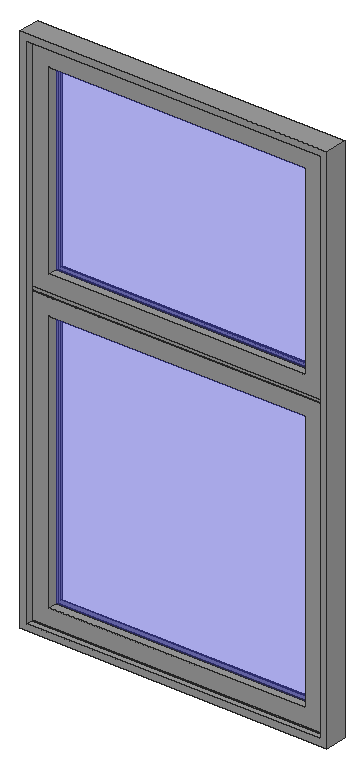
Revit family "14PL IP006_v02", category Windows, host Wall, Revit 2015
Parameters
  Wall Thickness [instance] = 0' - 6"
  URL = "obe.com"
  Transom Height = 3' - 0"
  Rough Width = Width + 0' 0 1/2"  # 4' - 0 1/2"
  Rough Height = Height + 0' 0 1/2"  # 7' - 0 1/2"
  Offset Limitation [instance] = if((Offset + 0' 3 1/2") > Wall Thickness, (Wall Thickness - 0' 3 1/2"), Offset)  # 0' - 0"
  Offset [instance] = 0' - 0"
  Model = "14PL IP006"
  Manufacturer = "Oldcastle BuildingEnvelope®"
  Keynote = "08 51 00"
  Height = Operable Height + Transom Height  # 7' - 0"
  Operable Height = 4' - 0"
  Glass Material = Glass
  Frame Material = Aluminum
  Description = "SIGNATURE SERIES 14PL"
  Default Sill Height = 3' - 0"
  Wall Closure = By host
  Width = 4' - 0"
  Construction Type = ""
  Assembly Code = "B2020"
Reference planes (in)
  plane 1 "Center (Front/Back)": y = 0
  plane 2: z = 0
  plane 3 "Center (Left/Right)": x = 0
  plane 4 "Left": x = -24.25
  plane 5 "Right": x = 24.25
  plane 6 "Sill": z = 36
  plane 7 "Top": z = 120.5
  plane 8 "Offset": y = 3
  plane 9: x = 24
  plane 10: z = 120.25
  plane 11: x = -24
  plane 12: z = 36.25
  plane 13 "Center": z = 84.25
  plane 14: z = 39.5005
  plane 15: z = 81.812
  plane 16: z = 86.688
  plane 17: z = 116.9995
  plane 18 "INT": y = 1.53125
Forms (in)
  Sweep 1, solid, material "Aluminum" <- "Frame Material"
    path origin (0, 3, 0) x (1, 0, 0) y (0, 0, 1)
      loop
        line (-24, 120.5) -> (-24, 36)
    profile origin (-24, 3, 78.25) x (0, -1, 0) y (1, 0, 0)
      loop
        line (3.5, -0.25) -> (3.5, 0.75) -> (2.5, 0.75) -> (2.5, 1.375) -> (0.09375, 1.375) -> (0.09375, 2.25) -> (0, 2.25) -> (0, -0.25) -> (3.5, -0.25)
  Sweep 2, solid, material "Aluminum" <- "Frame Material"
    path origin (0, 3, 0) x (-1, 0, 0) y (0, 0, 1)
      loop
        line (-24, 120.5) -> (-24, 36)
    profile origin (24, 3, 78.25) x (0, -1, 0) y (1, 0, 0)
      loop
        line (3.5, 0.25) -> (0, 0.25) -> (0, -2.25) -> (0.09375, -2.25) -> (0.09375, -1.3768) -> (2.5, -1.3768) -> (2.5, -0.75) -> (3.5, -0.75) -> (3.5, 0.25)
  Sweep 3, solid, material "Aluminum" <- "Frame Material"
    path origin (0, 3, 0) x (1, 0, 0) y (0, 0, 1)
      loop
        line (24.25, 120.25) -> (-24.25, 120.25)
    profile origin (0, 3, 120.25) x (0, 0, -1) y (0, -1, 0)
      loop
        line (-0.25, 0) -> (2.2505, 0) -> (2.2505, 0.09181) -> (1.37479, 0.09181) -> (1.37479, 2.5) -> (0.75, 2.5) -> (0.75, 3.5) -> (-0.25, 3.5) -> (-0.25, 0)
  Sweep 4, solid, material "Aluminum" <- "Frame Material"
    path origin (0, 3, 132.5) x (1, 0, 0) y (0, 0, -1)
      loop
        line (24.25, 96.25) -> (-24.25, 96.25)
    profile origin (0, 3, 36.25) x (0, 0, -1) y (0, -1, 0)
      loop
        line (0.25, 0) -> (0.25, 3.5) -> (-0.75, 3.5) -> (-0.75, 2.5) -> (-1.375, 2.5) -> (-1.375, 0.09375) -> (-2.2505, 0.09375) -> (-2.2505, 0) -> (0.25, 0)
  Sweep 5, solid, material "Aluminum" <- "Frame Material"
    path origin (0, 3, 0) x (1, 0, 0) y (0, 0, 1)
      loop
        line (24.25, 84.25) -> (-24.25, 84.25)
    profile origin (0, 3, 84.25) x (0, 0, -1) y (0, -1, 0)
      loop
        line (-1.4375, 0) -> (1.4375, 0) -> (1.4375, 0.09243) -> (0.56206, 0.09243) -> (0.56206, 2.5) -> (-0.56334, 2.5) -> (-0.56334, 0.09674) -> (-1.4375, 0.09674) -> (-1.4375, 0)
  Extrusion 6, solid, material "Glass" <- "Glass Material", detail levels coarse
    sketch origin (0, 0, 36) x (0, -1, 0) y (1, 0, 0)
      loop
        line (-2.53125, -20.7495) -> (-1.53125, -20.7495) -> (-1.53125, 20.7495) -> (-2.53125, 20.7495) -> (-2.53125, -20.7495)
    from 3.5005 to 45.812
  Extrusion 7, solid, material "Glass" <- "Glass Material", detail levels coarse
    sketch origin (0, -5.25, 36) x (0, -1, 0) y (1, 0, 0)
      loop
        line (-7.78125, -20.7495) -> (-6.78125, -20.7495) -> (-6.78125, 20.7495) -> (-7.78125, 20.7495) -> (-7.78125, -20.7495)
    from 50.688 to 80.9995
  Extrusion 8, solid, material "Glass" <- "Glass Material", detail levels medium+fine
    sketch origin (0, 0, 36) x (0, -1, 0) y (1, 0, 0)
      loop
        line (-2.53125, -20.7495) -> (-2.28125, -20.7495) -> (-2.28125, 20.7495) -> (-2.53125, 20.7495) -> (-2.53125, -20.7495)
      loop
        line (-1.76855, 20.7495) -> (-1.76855, -20.7495) -> (-1.53125, -20.7495) -> (-1.53125, 20.7495) -> (-1.76855, 20.7495)
    from 3.5005 to 45.812
  Extrusion 9, solid, material "Glass" <- "Glass Material", detail levels medium+fine
    sketch origin (0, 0, 0) x (1, 0, 0) y (0, 1, 0)
      loop
        line (-20.7495, 2.53125) -> (-20.7495, 2.28125) -> (20.7495, 2.28125) -> (20.7495, 2.53125) -> (-20.7495, 2.53125)
      loop
        line (20.7495, 1.76855) -> (-20.7495, 1.76855) -> (-20.7495, 1.53125) -> (20.7495, 1.53125) -> (20.7495, 1.76855)
    from 86.688 to 116.9995
  Sweep 10, solid, material "Aluminum" <- "Frame Material"
    path origin (0, 3, 0) x (1, 0, 0) y (0, 0, 1)
      loop
        line (24, 37.375) -> (24, 83.9375)
    profile origin (24, 3, 60.65625) x (-1, 0, 0) y (0, -1, 0)
      loop
        line (3.751, 2.75) -> (1.125, 2.75) -> (1.125, 2.65625) -> (2.063, 2.65625) -> (2.063, 0.1875) -> (3.7505, 0.1875) -> (3.7505, 0.46875) -> (3.2505, 0.46875) -> (3.2505, 1.46875) -> (3.751, 1.46875) -> (3.751, 2.75)
  Sweep 11, solid, material "Aluminum" <- "Frame Material"
    path origin (0, 3, 0) x (1, 0, 0) y (0, 0, 1)
      loop
        line (24, 120.25) -> (24, 36.25)
    profile origin (24, 3, 78.25) x (0, -1, 0) y (1, 0, 0)
      loop
        line (0, 0.25) -> (0, -2.25) -> (0.09375, -2.25) -> (0.09375, -1.375) -> (2.5, -1.375) -> (2.5, -0.75) -> (3.5, -0.75) -> (3.5, 0.25) -> (0, 0.25)
  Sweep 12, solid, material "Aluminum" <- "Frame Material"
    path origin (0, 3, 0) x (1, 0, 0) y (0, 0, 1)
      loop
        line (-24, 83.9375) -> (-24, 37.375)
    profile origin (-24, 3, 60.65625) x (0, -1, 0) y (1, 0, 0)
      loop
        line (0.1875, 2.063) -> (2.65625, 2.063) -> (2.65625, 1.125) -> (2.75, 1.125) -> (2.75, 3.751) -> (1.46875, 3.751) -> (1.46875, 3.2505) -> (0.46875, 3.2505) -> (0.46875, 3.7505) -> (0.1875, 3.7505) -> (0.1875, 2.063)
  Sweep 13, solid, material "Aluminum" <- "Frame Material"
    path origin (0, 3, 0) x (1, 0, 0) y (0, 0, 1)
      loop
        line (22.875, 36.25) -> (-22.875, 36.25)
    profile origin (0, 3, 36.25) x (0, 0, -1) y (0, -1, 0)
      loop
        line (-3.7505, 0.1875) -> (-2.063, 0.1875) -> (-2.063, 2.65625) -> (-1.125, 2.65625) -> (-1.125, 2.75) -> (-3.751, 2.75) -> (-3.751, 1.46875) -> (-3.2505, 1.46875) -> (-3.2505, 0.46875) -> (-3.7505, 0.46875) -> (-3.7505, 0.1875)
  Sweep 14, solid, material "Aluminum" <- "Frame Material"
    path origin (0, 3, 0) x (1, 0, 0) y (0, 0, 1)
      loop
        line (22.875, 84.25) -> (-22.875, 84.25)
    profile origin (0, 3, 84.25) x (0, 0, -1) y (0, -1, 0)
      loop
        line (1.25046, 0.1875) -> (2.938, 0.1875) -> (2.938, 0.46875) -> (2.438, 0.46875) -> (2.438, 1.46875) -> (2.9385, 1.46875) -> (2.9385, 2.75) -> (0.3125, 2.75) -> (0.3125, 2.65588) -> (1.25046, 2.65588) -> (1.25046, 0.1875)
  Sweep 15, solid, material "Aluminum" <- "Frame Material"
    path origin (0, 3, 0) x (1, 0, 0) y (0, 0, 1)
      loop
        line (22.875, 84.25) -> (-22.875, 84.25)
    profile origin (0, 3, 84.25) x (0, 0, -1) y (0, -1, 0)
      loop
        line (-2.938, 0.1875) -> (-1.25051, 0.1875) -> (-1.25051, 2.65621) -> (-0.3125, 2.65621) -> (-0.3125, 2.75) -> (-2.9385, 2.75) -> (-2.9385, 1.46875) -> (-2.438, 1.46875) -> (-2.438, 0.46875) -> (-2.938, 0.46875) -> (-2.938, 0.1875)
  Sweep 16, solid, material "Aluminum" <- "Frame Material"
    path origin (0, 3, 0) x (1, 0, 0) y (0, 0, 1)
      loop
        line (-22.875, 120.25) -> (22.875, 120.25)
    profile origin (0, 3, 120.25) x (0, 0, 1) y (0, -1, 0)
      loop
        line (-2.06293, 0.1875) -> (-2.06293, 2.65624) -> (-1.12494, 2.65624) -> (-1.12494, 2.75) -> (-3.751, 2.75) -> (-3.751, 1.46875) -> (-3.2505, 1.46875) -> (-3.2505, 0.46875) -> (-3.751, 0.46875) -> (-3.751, 0.1875) -> (-2.06293, 0.1875)
  Sweep 17, solid, material "Aluminum" <- "Frame Material"
    path origin (0, 3, 0) x (1, 0, 0) y (0, 0, 1)
      loop
        line (24, 119.12506) -> (24, 84.5625)
    profile origin (24, 3, 101.84378) x (0, -1, 0) y (1, 0, 0)
      loop
        line (1.46875, -3.751) -> (2.75, -3.751) -> (2.75, -1.125) -> (2.65625, -1.125) -> (2.65625, -2.063) -> (0.1875, -2.063) -> (0.1875, -3.7505) -> (0.46875, -3.7505) -> (0.46875, -3.2505) -> (1.46875, -3.2505) -> (1.46875, -3.751)
  Sweep 18, solid, material "Aluminum" <- "Frame Material"
    path origin (0, 3, 0) x (1, 0, 0) y (0, 0, 1)
      loop
        line (-24, 84.5625) -> (-24, 119.12506)
    profile origin (-24, 3, 101.84378) x (-1, 0, 0) y (0, -1, 0)
      loop
        line (-2.063, 0.1875) -> (-2.063, 2.65625) -> (-1.125, 2.65625) -> (-1.125, 2.75) -> (-3.751, 2.75) -> (-3.751, 1.46875) -> (-3.2505, 1.46875) -> (-3.2505, 0.46875) -> (-3.7505, 0.46875) -> (-3.7505, 0.1875) -> (-2.063, 0.1875)
Cuts and joins
  joined: Sweep 1, Sweep 2, Sweep 3, Sweep 4, Sweep 5, Sweep 11
  joined: Sweep 10, Sweep 12, Sweep 13, Sweep 14
  joined: Sweep 15, Sweep 16, Sweep 17, Sweep 18
Lines and regions (in)
  Opening 1
    outline origin (-60, -3, 0) x (1, 0, 0) y (0, 0, 1)
      loop
        line (35.75, 120.5) -> (35.75, 36) -> (84.25, 36) -> (84.25, 120.5) -> (35.75, 120.5)
  model lines, style "Opening Direction"
    curve 1: line (20.2495, 1.53125, 116.499) -> (0, 1.53125, 87.1885)
    curve 2: line (0, 1.53125, 87.1885) -> (-20.249, 1.53125, 116.499)
    curve 3: line (20.249, 1.53125, 81.3115) -> (0, 1.53125, 40.001)
    curve 4: line (0, 1.53125, 40.001) -> (-20.249, 1.53125, 81.312)
Text (in)
  text "EXTERIOR" at (-58.6888, 50.90694, 0), in view "Ref. Level"
  text "INTERIOR" at (-58.6888, -37.76638, 0), in view "Ref. Level"
  text "Exterior" at (0, 43.65631, 123.19604), in view "Left"
  text "Exterior" at (0, 18.29385, 125.04747), in view "Right"
  text "Min Operable Size\n\n14\" width x 18\" height\n\n\n\nMax Operable Size\n\n72\" x 48\"\n\n\n\nMax Operable Area\n\n20 square feet" at (118.26778, 50.90694, 0), in view "Ref. Level"
Dimensions and locks (in)
  equal spacing: plane 4 "Left", plane 3 "Center (Left/Right)", plane 5 "Right"
  "Rough Width": plane 4 "Left" to plane 5 "Right"
  "Default Sill Height": plane 2 to plane 6 "Sill"
  "Offset Limitation": plane 8 "Offset" to host wall
  "Wall Thickness": host wall to host wall
  locked: plane 9 to plane 5 "Right" at 0.25
  locked: plane 6 "Sill" to plane 12 at 0.25
  "Operable Height": plane 12 to plane 13 "Center"
  "Transom Height": plane 13 "Center" to plane 10
  "Rough Height": plane 6 "Sill" to plane 7 "Top"
  "Width": plane 11 to plane 9
  plane 8 "Offset" to Extrusion 6 sketch curve to Extrusion 6 sketch curve = 0' - 0 15/32" locked, 0' - 1" locked
  plane 8 "Offset" to Extrusion 7 sketch curve to Extrusion 7 sketch curve = 0' - 0 15/32" locked, 0' - 1" locked
  locked: plane 17 to plane 10 at 3.2505
  plane 16 to plane 13 "Center" to plane 15 = 0' - 2.438" locked, 0' - 2.438" locked
  locked: plane 14 to plane 12 at 3.2505
  locked: plane 18 "INT" to plane 8 "Offset" at 1.46875
  Extrusion 8 sketch curve to Extrusion 8 sketch curve to Extrusion 8 sketch curve to Extrusion 8 sketch curve to plane 8 "Offset" = 0' - 0.2373" locked, 0' - 0.5127" locked, 0' - 0 1/4" locked, 0' - 0 15/32" locked
  Extrusion 9 sketch curve to Extrusion 9 sketch curve to Extrusion 9 sketch curve to Extrusion 9 sketch curve to plane 8 "Offset" = 0' - 0.2373" locked, 0' - 0.5127" locked, 0' - 0 1/4" locked, 0' - 0 15/32" locked
  locked: plane 11 to Sweep 13 sketch curve at 1.125
  locked: Sweep 13 sketch curve to plane 9 at 1.125
  locked: plane 11 to Sweep 14 sketch curve at 1.125
  locked: Sweep 14 sketch curve to plane 9 at 1.125
  locked: plane 11 to Sweep 15 sketch curve at 1.125
  locked: Sweep 15 sketch curve to plane 9 at 1.125
  locked: plane 12 to Sweep 10 sketch curve at 1.125
  locked: Sweep 10 sketch curve to plane 13 "Center" at 0.3125
  locked: plane 12 to Sweep 12 sketch curve at 1.125
  locked: Sweep 12 sketch curve to plane 13 "Center" at 0.3125
  locked: Sweep 17 sketch curve to plane 10 at 1.12494
  locked: plane 13 "Center" to Sweep 17 sketch curve at 0.3125
  locked: Sweep 18 sketch curve to plane 10 at 1.12494
  locked: plane 13 "Center" to Sweep 18 sketch curve at 0.3125
  aligned and locked: plane 7 "Top" to Opening 1 sketch curve
  aligned and locked: plane 6 "Sill" to Opening 1 sketch curve  (x2)
  aligned and locked: plane 5 "Right" to Opening 1 sketch curve
  aligned and locked: plane 4 "Left" to Opening 1 sketch curve
  aligned and locked: level to plane 2
  aligned and locked: nested 2 to plane 12
  aligned and locked: plane 6 "Sill" to Sweep 1 sketch curve
  aligned and locked: plane 7 "Top" to Sweep 1 sketch curve
  aligned and locked: plane 6 "Sill" to Sweep 2 sketch curve
  aligned and locked: plane 7 "Top" to Sweep 2 sketch curve
  aligned and locked: Sweep 2 sketch curve to plane 9
  aligned and locked: plane 5 "Right" to Sweep 3 sketch curve
  aligned and locked: plane 4 "Left" to Sweep 3 sketch curve
  aligned and locked: plane 10 to Sweep 3 sketch curve
  aligned and locked: plane 5 "Right" to Sweep 4 sketch curve
  aligned and locked: plane 4 "Left" to Sweep 4 sketch curve
  aligned and locked: plane 12 to Sweep 4 sketch curve
  aligned and locked: plane 5 "Right" to Sweep 5 sketch curve
  aligned and locked: plane 4 "Left" to Sweep 5 sketch curve
  aligned and locked: plane 13 "Center" to Sweep 5 sketch curve
  aligned and locked: plane 17 to Extrusion 7
  aligned and locked: Extrusion 7 to plane 16
  aligned and locked: plane 15 to Extrusion 6
  aligned and locked: Extrusion 6 to plane 14
  aligned and locked: nested 1 to plane 12
  aligned and locked: plane 3 "Center (Left/Right)" to nested 1
  aligned and locked: plane 8 "Offset" to nested 1
  aligned and locked: plane 3 "Center (Left/Right)" to nested 2
  aligned and locked: plane 8 "Offset" to nested 2
  aligned and locked: Extrusion 8 to plane 14
  aligned and locked: plane 15 to Extrusion 8
  aligned and locked: Extrusion 9 to plane 16
  aligned and locked: plane 17 to Extrusion 9
  aligned and locked: Sweep 1 sketch curve to plane 11
  aligned and locked: plane 9 to Sweep 10 sketch curve
  aligned and locked: Sweep 11 sketch curve to plane 9
  aligned and locked: Sweep 12 sketch curve to plane 11
  aligned and locked: plane 12 to Sweep 13 sketch curve
  aligned and locked: plane 13 "Center" to Sweep 14 sketch curve
  aligned and locked: plane 13 "Center" to Sweep 15 sketch curve
  aligned and locked: Sweep 16 sketch curve to plane 10
  aligned and locked: Sweep 17 sketch curve to plane 9
  aligned and locked: plane 11 to Sweep 18 sketch curve
Automatic sketch dimensions
  plane 8 "Offset" to Sweep 1 sketch curve = 0' - 0"
  Sweep 1 sketch curve to profile plane = 0' - 0 3/4"
  profile plane to Sweep 1 sketch curve = 0' - 0 1/4"
  Sweep 1 sketch curve to Sweep 1 sketch curve = 0' - 1"
  Sweep 4 sketch curve to plane 8 "Offset" = 0' - 0"
  profile plane to Sweep 4 sketch curve = 0' - 1 3/8"
  Sweep 4 sketch curve to profile plane = 0' - 0 1/4"
  Sweep 4 sketch curve to Sweep 4 sketch curve = 0' - 1"
  Extrusion 6 sketch curve to plane 11 = 0' - 3.2505"
  plane 9 to Extrusion 6 sketch curve = 0' - 3.2505"
  Extrusion 7 sketch curve to plane 11 = 0' - 3.2505"
  plane 9 to Extrusion 7 sketch curve = 0' - 3.2505"
  curve 2 to plane 3 "Center (Left/Right)" = 0' - 0"
  curve 4 to plane 3 "Center (Left/Right)" = 0' - 0"
  plane 14 to curve 3 = 0' - 0.5005"
  curve 4 to plane 15 = 0' - 0 1/2"
  curve 4 to plane 11 = 0' - 3.751"
  curve 2 to plane 17 = 0' - 0.5005"
  curve 2 to plane 11 = 0' - 3.751"
  curve 3 to plane 15 = 0' - 0.5005"
  plane 9 to curve 3 = 0' - 3.751"
  curve 1 to plane 17 = 0' - 0.5005"
  plane 9 to curve 1 = 0' - 3.7505"
  plane 16 to curve 2 = 0' - 0.5005"
  Extrusion 8 sketch curve to plane 11 = 0' - 3.2505"
  Extrusion 8 sketch curve to Extrusion 8 sketch curve = 0' - 0"  (x2)
  plane 9 to Extrusion 8 sketch curve = 0' - 3.2505"
  Extrusion 9 sketch curve to plane 11 = 0' - 3.2505"
  Extrusion 9 sketch curve to Extrusion 9 sketch curve = 0' - 0"  (x2)
  plane 9 to Extrusion 9 sketch curve = 0' - 3.2505"
  Sweep 1 sketch curve to Sweep 1 sketch curve = 0' - 0 3/32"
  Sweep 1 sketch curve to Sweep 1 sketch curve = 0' - 0 5/8"
  Sweep 1 sketch curve to Sweep 1 sketch curve = 0' - 2 13/32"
  Sweep 1 sketch curve to Sweep 1 sketch curve = 0' - 0 7/8"
  Sweep 3 sketch curve to plane 8 "Offset" = 0' - 0"
  profile plane to Sweep 3 sketch curve = 0' - 0 1/4"
  Sweep 3 sketch curve to profile plane = 0' - 0 3/4"
  Sweep 3 sketch curve to Sweep 3 sketch curve = 0' - 1"
  Sweep 3 sketch curve to Sweep 3 sketch curve = 0' - 0.62479"
  Sweep 3 sketch curve to Sweep 3 sketch curve = 0' - 0.87571"
  plane 8 "Offset" to Sweep 3 sketch curve = 0' - 0.09181"
  Sweep 3 sketch curve to Sweep 3 sketch curve = 0' - 2.40819"
  Sweep 5 sketch curve to plane 8 "Offset" = 0' - 0"
  Sweep 5 sketch curve to profile plane = 0' - 1 7/16"
  Sweep 5 sketch curve to Sweep 5 sketch curve = 0' - 0.87416"
  profile plane to Sweep 5 sketch curve = 0' - 0.56334"
  Sweep 5 sketch curve to profile plane = 0' - 0.56206"
  Sweep 5 sketch curve to Sweep 5 sketch curve = 0' - 0.09674"
  Sweep 5 sketch curve to Sweep 5 sketch curve = 0' - 0.09243"
  Sweep 5 sketch curve to Sweep 5 sketch curve = 0' - 2.40326"
  profile plane to Sweep 4 sketch curve = 0' - 0 3/4"
  plane 8 "Offset" to Sweep 4 sketch curve = 0' - 0 3/32"
  Sweep 4 sketch curve to Sweep 4 sketch curve = 0' - 0.8755"
  Sweep 4 sketch curve to Sweep 4 sketch curve = 0' - 2 13/32"
  plane 8 "Offset" to Sweep 2 sketch curve = 0' - 0"
  Sweep 2 sketch curve to Sweep 2 sketch curve = 0' - 0 3/32"
  Sweep 2 sketch curve to Sweep 2 sketch curve = 0' - 2 13/32"
  Sweep 2 sketch curve to Sweep 2 sketch curve = 0' - 1"
  profile plane to Sweep 2 sketch curve = 0' - 2 1/4"
  Sweep 2 sketch curve to Sweep 2 sketch curve = 0' - 0.8732"
  profile plane to Sweep 2 sketch curve = 0' - 0 3/4"
  Sweep 2 sketch curve to profile plane = 0' - 0 1/4"
  Sweep 10 sketch curve to profile plane = 0' - 1 1/8"
  Sweep 10 sketch curve to Sweep 10 sketch curve = 0' - 0.938"
  Sweep 10 sketch curve to Sweep 10 sketch curve = 0' - 1 3/16"  (x2)
  plane 8 "Offset" to Sweep 10 sketch curve = 0' - 0 3/16"
  Sweep 10 sketch curve to Sweep 10 sketch curve = 0' - 1"
  Sweep 10 sketch curve to Sweep 10 sketch curve = 0' - 0 3/32"
  Sweep 10 sketch curve to Sweep 10 sketch curve = 0' - 0 1/2"
  Sweep 10 sketch curve to Sweep 10 sketch curve = 0' - 0.0005"
  Sweep 10 sketch curve to Sweep 10 sketch curve = 0' - 0 9/32"
  Sweep 11 sketch curve to plane 12 = 0' - 0"
  Sweep 11 sketch curve to plane 10 = 0' - 0"
  plane 8 "Offset" to Sweep 11 sketch curve = 0' - 0"
  Sweep 11 sketch curve to profile plane = 0' - 0 1/4"
  Sweep 11 sketch curve to Sweep 11 sketch curve = 0' - 1"
  profile plane to Sweep 11 sketch curve = 0' - 0 3/4"
  Sweep 11 sketch curve to Sweep 11 sketch curve = 0' - 2 13/32"
  Sweep 11 sketch curve to Sweep 11 sketch curve = 0' - 0 5/8"
  plane 8 "Offset" to Sweep 11 sketch curve = 0' - 0 3/32"
  Sweep 11 sketch curve to Sweep 11 sketch curve = 0' - 0 7/8"
  Sweep 12 sketch curve to Sweep 12 sketch curve = 0' - 1"
  Sweep 12 sketch curve to Sweep 12 sketch curve = 0' - 1 3/16"  (x2)
  Sweep 12 sketch curve to Sweep 12 sketch curve = 0' - 0 3/32"
  Sweep 12 sketch curve to profile plane = 0' - 1 1/8"
  Sweep 12 sketch curve to Sweep 12 sketch curve = 0' - 0.938"
  plane 8 "Offset" to Sweep 12 sketch curve = 0' - 0 3/16"
  Sweep 12 sketch curve to Sweep 12 sketch curve = 0' - 0 9/32"
  Sweep 12 sketch curve to Sweep 12 sketch curve = 0' - 0 1/2"
  Sweep 12 sketch curve to Sweep 12 sketch curve = 0' - 0.5005"
  profile plane to Sweep 13 sketch curve = 0' - 3.751"
  plane 8 "Offset" to Sweep 13 sketch curve = 0' - 0 3/16"
  Sweep 13 sketch curve to Sweep 13 sketch curve = 0' - 1 3/16"  (x2)
  Sweep 13 sketch curve to Sweep 13 sketch curve = 0' - 0.938"
  Sweep 13 sketch curve to Sweep 13 sketch curve = 0' - 1"
  Sweep 13 sketch curve to Sweep 13 sketch curve = 0' - 0 3/32"
  Sweep 13 sketch curve to Sweep 13 sketch curve = 0' - 0.0005"
  Sweep 13 sketch curve to Sweep 13 sketch curve = 0' - 0 1/2"
  Sweep 13 sketch curve to Sweep 13 sketch curve = 0' - 0 9/32"
  Sweep 14 sketch curve to profile plane = 0' - 0 5/16"
  plane 8 "Offset" to Sweep 14 sketch curve = 0' - 0 15/32"
  plane 8 "Offset" to Sweep 14 sketch curve = 0' - 0 3/16"
  Sweep 14 sketch curve to Sweep 14 sketch curve = 0' - 0 1/2"
  Sweep 14 sketch curve to Sweep 14 sketch curve = 0' - 1"
  Sweep 14 sketch curve to Sweep 14 sketch curve = 0' - 1 9/32"
  Sweep 14 sketch curve to Sweep 14 sketch curve = 0' - 0.93796"
  Sweep 14 sketch curve to Sweep 14 sketch curve = 0' - 1.68804"
  Sweep 14 sketch curve to Sweep 14 sketch curve = 0' - 0.0005"
  Sweep 14 sketch curve to Sweep 14 sketch curve = 0' - 0.09412"
  plane 8 "Offset" to Sweep 15 sketch curve = 0' - 0 3/16"
  profile plane to Sweep 15 sketch curve = 0' - 2.938"
  Sweep 15 sketch curve to Sweep 15 sketch curve = 0' - 0 1/2"
  profile plane to Sweep 15 sketch curve = 0' - 0 5/16"
  plane 8 "Offset" to Sweep 15 sketch curve = 0' - 0 15/32"
  Sweep 15 sketch curve to Sweep 15 sketch curve = 0' - 1"
  Sweep 15 sketch curve to Sweep 15 sketch curve = 0' - 1 9/32"
  Sweep 15 sketch curve to Sweep 15 sketch curve = 0' - 0.0005"
  Sweep 15 sketch curve to Sweep 15 sketch curve = 0' - 1.68799"
  Sweep 15 sketch curve to Sweep 15 sketch curve = 0' - 0.09379"
  Sweep 16 sketch curve to plane 11 = 0' - 1 1/8"
  plane 9 to Sweep 16 sketch curve = 0' - 1 1/8"
  plane 8 "Offset" to Sweep 16 sketch curve = 0' - 0 3/16"
  profile plane to Sweep 16 sketch curve = 0' - 3.751"
  Sweep 16 sketch curve to Sweep 16 sketch curve = 0' - 0.5005"
  plane 8 "Offset" to Sweep 16 sketch curve = 0' - 0 15/32"
  Sweep 16 sketch curve to Sweep 16 sketch curve = 0' - 1"
  Sweep 16 sketch curve to Sweep 16 sketch curve = 0' - 0"
  Sweep 16 sketch curve to Sweep 16 sketch curve = 0' - 1.68807"
  Sweep 16 sketch curve to Sweep 16 sketch curve = 0' - 0.93799"
  Sweep 16 sketch curve to Sweep 16 sketch curve = 0' - 0 3/32"
  Sweep 16 sketch curve to Sweep 16 sketch curve = 0' - 1 3/16"
  plane 8 "Offset" to Sweep 17 sketch curve = 0' - 0 15/32"
  Sweep 17 sketch curve to Sweep 17 sketch curve = 0' - 1 3/16"  (x2)
  profile plane to Sweep 17 sketch curve = 0' - 3.2505"
  Sweep 17 sketch curve to Sweep 17 sketch curve = 0' - 0.938"
  plane 8 "Offset" to Sweep 17 sketch curve = 0' - 0 3/16"
  Sweep 17 sketch curve to Sweep 17 sketch curve = 0' - 1"
  Sweep 17 sketch curve to Sweep 17 sketch curve = 0' - 0 3/32"
  Sweep 17 sketch curve to Sweep 17 sketch curve = 0' - 0 1/2"
  Sweep 17 sketch curve to Sweep 17 sketch curve = 0' - 0.0005"
  profile plane to Sweep 18 sketch curve = 0' - 3.2505"
  Sweep 18 sketch curve to Sweep 18 sketch curve = 0' - 1 3/16"  (x2)
  Sweep 18 sketch curve to Sweep 18 sketch curve = 0' - 0.938"
  Sweep 18 sketch curve to Sweep 18 sketch curve = 0' - 1"
  Sweep 18 sketch curve to Sweep 18 sketch curve = 0' - 0 3/32"
  plane 8 "Offset" to Sweep 18 sketch curve = 0' - 0 3/16"
  Sweep 18 sketch curve to Sweep 18 sketch curve = 0' - 0 1/2"
  Sweep 18 sketch curve to Sweep 18 sketch curve = 0' - 0.0005"
  Sweep 18 sketch curve to Sweep 18 sketch curve = 0' - 0 9/32"
Nested families (in)
  nested 1: "S-14PL-Plan View" at (0, 3, 0.25), Default Sill Height <- "Default Sill Height", Height <- "Height", Width <- "Width", type "S-14PL-Plan View"
    with Width 4' - 0", Height 7' - 0", Default Sill Height 3' - 0"
  nested 2: "S-14PL-Section Operable" at (0, 3, 0.25), Default Sill Height <- "Default Sill Height", Operable Height <- "Operable Height", Transom Height <- "Transom Height", Width <- "Width", type "S-14PL-Section Operable"
    with Width 4' - 0", Transom Height 3' - 0", Operable Height 4' - 0", Default Sill Height 3' - 0"
Definition of nested family "S-14PL-Plan View"
  Parameters (values of type "S-14PL-Plan View")
    Width [instance] = 2' - 0"
    Height [instance] = 4' - 0"
    Default Sill Height [instance] = 2' - 0"
    Analytic Construction = "<None>"
  Reference planes (in)
    plane 1 "Center (Front/Back)": y = 0
    plane 2: z = 0
    plane 3 "Center (Left/Right)": x = 0
    plane 4: z = 24
  Lines and regions (in)
    model lines, not visible
      curve 1: line (0, 0, 72) -> (0, 0, 24)
  Dimensions and locks (in)
    "Default Sill Height": plane 4 to plane 2
    "Height": curve 1 to plane 4
    aligned and locked: plane 2 to level
    aligned and locked: plane 3 "Center (Left/Right)" to nested 1
    aligned and locked: plane 1 "Center (Front/Back)" to nested 1
    aligned and locked: plane 4 to curve 1
    aligned and locked: curve 1 to plane 1 "Center (Front/Back)"
  Nested families (in)
    nested 1: "S-14PL-Plan View" at (-12, 0, 0), Width <- "Width", type "S-14PL-Plan View"
      with Width 2' - 0"
  Definition of nested family "S-14PL-Plan View"
    Parameters (values of type "S-14PL-Plan View")
      Width [instance] = 2' - 0"
    Reference planes (in)
      plane 1 "Center (Front/Back)": y = 0
      plane 2: z = 0
      plane 3 "C": x = 0
      plane 4: x = 24
      plane 5: x = 20.7495
      plane 6: x = 3.2505
      plane 7 "Center (Left/Right)": x = 12
    Lines and regions (in)
      detail lines, in view "Ref. Level"
        curve 1: line (3.2505, -0.46875, 0) -> (20.7495, -0.46875, 0)
        curve 10: line (3.2505, -1.46875, 0) -> (20.7495, -1.46875, 0)
      detail lines, in view "Ref. Level", detail levels fine
        curve 2: line (3.2505, -0.52875, 0) -> (20.7495, -0.52875, 0)
        curve 3: line (3.2505, -0.58875, 0) -> (20.7495, -0.58875, 0)
        curve 4: line (3.2505, -0.64875, 0) -> (20.7495, -0.64875, 0)
        curve 7: line (3.2505, -1.29145, 0) -> (20.7495, -1.29145, 0)
        curve 8: line (3.2505, -1.35145, 0) -> (20.7495, -1.35145, 0)
        curve 9: line (3.2505, -1.41145, 0) -> (20.7495, -1.41145, 0)
      detail lines, in view "Ref. Level", detail levels medium+fine
        curve 5: line (3.2505, -0.71875, 0) -> (20.7495, -0.71875, 0)
        curve 6: line (3.2505, -1.23145, 0) -> (20.7495, -1.23145, 0)
    Dimensions and locks (in)
      "Width": plane 3 "C" to plane 4
      locked: plane 3 "C" to plane 6 at 3.2505
      locked: plane 5 to plane 4 at 3.2505
      equal spacing: plane 3 "C", plane 7 "Center (Left/Right)", plane 4
      aligned and locked: nested 2 to plane 3 "C"
      aligned and locked: nested 1 to plane 4
      aligned and locked: nested 1 to plane 1 "Center (Front/Back)"
      aligned and locked: nested 2 to plane 1 "Center (Front/Back)"
      aligned and locked: plane 6 to curve 1
      aligned and locked: plane 6 to curve 2
      aligned and locked: plane 6 to curve 3
      aligned and locked: plane 6 to curve 4
      aligned and locked: plane 6 to curve 5
      aligned and locked: plane 6 to curve 6
      aligned and locked: plane 6 to curve 7
      aligned and locked: plane 6 to curve 8
      aligned and locked: plane 6 to curve 9
      aligned and locked: plane 6 to curve 10
      aligned and locked: plane 5 to curve 1
      aligned and locked: plane 5 to curve 2
      aligned and locked: plane 5 to curve 3
      aligned and locked: plane 5 to curve 4
      aligned and locked: plane 5 to curve 5
      aligned and locked: plane 5 to curve 6
      aligned and locked: plane 5 to curve 7
      aligned and locked: plane 5 to curve 8
      aligned and locked: plane 5 to curve 9
      aligned and locked: plane 5 to curve 10
    Automatic sketch dimensions
      plane 1 "Center (Front/Back)" to curve 10 = 0' - 1 15/32"
      curve 10 to curve 9 = 0' - 0.0573"
      curve 9 to curve 8 = 0' - 0.06"
      curve 8 to curve 7 = 0' - 0.06"
      curve 7 to curve 6 = 0' - 0.06"
      curve 6 to curve 5 = 0' - 0.5127"
      curve 5 to curve 4 = 0' - 0.07"
      curve 4 to curve 3 = 0' - 0.06"
      curve 3 to curve 2 = 0' - 0.06"
      curve 2 to curve 1 = 0' - 0.06"
    Nested families (in)
      nested 1: "S-14PL-JAMB L" at (24, 0, 0) x (-1, 0, 0) z (0, 0, 1), type "S-14PL-JAMB L", in view "Ref. Level"
      nested 2: "S-14PL-JAMB R" at (0, 0, 0) x (-1, 0, 0) z (0, 0, 1), type "S-14PL-JAMB R", in view "Ref. Level"
    Definition of nested family "S-14PL-JAMB L"
      Reference planes (in)
        plane 1 "Center (Front/Back)": y = 0
        plane 2: z = 0
        plane 3 "Center (Left/Right)": x = 0
      Lines and regions (in)
        detail lines, in view "Ref. Level"
          curve 1: line (0.75, 2.5, 0) -> (0.75, 3.5, 0)
          curve 2: line (0.75, 3.5, 0) -> (-0.25, 3.5, 0)
          curve 3: line (-0.25, 3.5, 0) -> (-0.25, 0, 0)
          curve 4: line (-0.25, 0, 0) -> (2.25, 0, 0)
          curve 5: line (2.25, 0, 0) -> (2.25, 0.1875, 0)
          curve 6: line (2.25, 0.1875, 0) -> (3.7505, 0.1875, 0)
          curve 7: line (3.7505, 0.1875, 0) -> (3.751, 0.46875, 0)
          curve 8: line (3.751, 0.46875, 0) -> (3.2505, 0.46875, 0)
          curve 9: line (3.2505, 0.46875, 0) -> (3.2505, 1.46875, 0)
          curve 10: line (3.2505, 1.46875, 0) -> (3.751, 1.46875, 0)
          curve 11: line (3.751, 1.46875, 0) -> (3.751, 2.734, 0)
          curve 12: line (3.751, 2.734, 0) -> (2.876, 2.75, 0)
          curve 13: line (2.876, 2.75, 0) -> (1.125, 2.75, 0)
          curve 14: line (1.125, 2.75, 0) -> (1.125, 2.5, 0)
          curve 15: line (1.125, 2.5, 0) -> (0.75, 2.5, 0)
    Definition of nested family "S-14PL-JAMB R"
      Reference planes (in)
        plane 1 "Center (Front/Back)": y = 0
        plane 2: z = 0
        plane 3 "Center (Left/Right)": x = 0
      Lines and regions (in)
        detail lines, in view "Ref. Level"
          curve 1: line (-0.75, 2.5, 0) -> (-0.75, 3.5, 0)
          curve 2: line (-0.75, 3.5, 0) -> (0.25, 3.5, 0)
          curve 3: line (0.25, 3.5, 0) -> (0.25, 0, 0)
          curve 4: line (0.25, 0, 0) -> (-2.25, 0, 0)
          curve 5: line (-2.25, 0, 0) -> (-2.25, 0.1875, 0)
          curve 6: line (-2.25, 0.1875, 0) -> (-3.7505, 0.1875, 0)
          curve 7: line (-3.7505, 0.1875, 0) -> (-3.751, 0.46875, 0)
          curve 8: line (-3.751, 0.46875, 0) -> (-3.2505, 0.46875, 0)
          curve 9: line (-3.2505, 0.46875, 0) -> (-3.2505, 1.46875, 0)
          curve 10: line (-3.2505, 1.46875, 0) -> (-3.751, 1.46875, 0)
          curve 11: line (-3.751, 1.46875, 0) -> (-3.751, 2.734, 0)
          curve 12: line (-3.751, 2.734, 0) -> (-2.876, 2.75, 0)
          curve 13: line (-2.876, 2.75, 0) -> (-1.125, 2.75, 0)
          curve 14: line (-1.125, 2.75, 0) -> (-1.125, 2.5, 0)
          curve 15: line (-1.125, 2.5, 0) -> (-0.75, 2.5, 0)
Definition of nested family "S-14PL-Section Operable"
  Parameters (values of type "S-14PL-Section Operable")
    Width [instance] = 2' - 0"
    Transom Height [instance] = 2' - 0"
    Operable Height [instance] = 3' - 0"
    Default Sill Height [instance] = 3' - 0"
    Analytic Construction = "<None>"
  Reference planes (in)
    plane 1 "Center (Front/Back)": y = 0
    plane 2: z = 0
    plane 3 "Center (Left/Right)": x = 0
    plane 4: z = 36
  Lines and regions (in)
    model lines, not visible
      curve 1: line (-12, 0, 0) -> (12, 0, 0)
  Dimensions and locks (in)
    "Default Sill Height": plane 4 to plane 2
    equal spacing: curve 1, plane 3 "Center (Left/Right)", curve 1
    "Width": curve 1 to curve 1
    aligned and locked: plane 2 to level
    aligned and locked: plane 1 "Center (Front/Back)" to curve 1
    aligned and locked: nested 1 to plane 1 "Center (Front/Back)"
    aligned and locked: plane 4 to nested 1
  Nested families (in)
    nested 1: "S-14PL-Section Operable" at (0, 0, 36) x (0, -1, 0) z (1, 0, 0), Operable Height <- "Operable Height", Transom Height <- "Transom Height", type "S-14PL-Section Operable"
      with Transom Height 2' - 0"
  Definition of nested family "S-14PL-Section Operable"
    Parameters (values of type "S-14PL-Section Operable")
      Transom Height [instance] = 2' - 0"
      Operable Height [instance] = 3' - 0"
    Reference planes (in)
      plane 1 "Center (Front/Back)": y = 0
      plane 2: z = 0
      plane 3 "Center (Left/Right)": x = 0
      plane 4: y = 60
      plane 5: y = 56.7495
      plane 6: y = 3.2505
      plane 7: y = 36
      plane 8: y = 38.438
      plane 9: y = 33.562
    Lines and regions (in)
      detail lines, in view "Ref. Level"
        curve 1: line (0.46875, 56.7495, 0) -> (0.46875, 38.438, 0)
        curve 10: line (1.46875, 56.7495, 0) -> (1.46875, 38.438, 0)
        curve 11: line (0.46875, 33.562, 0) -> (0.46875, 3.2505, 0)
        curve 20: line (1.46875, 33.562, 0) -> (1.46875, 3.2505, 0)
      detail lines, in view "Ref. Level", detail levels fine
        curve 2: line (0.52875, 56.7495, 0) -> (0.52875, 38.438, 0)
        curve 3: line (0.58875, 56.7495, 0) -> (0.58875, 38.438, 0)
        curve 4: line (0.64875, 56.7495, 0) -> (0.64875, 38.438, 0)
        curve 7: line (1.29145, 56.7495, 0) -> (1.29145, 38.438, 0)
        curve 8: line (1.35145, 56.7495, 0) -> (1.35145, 38.438, 0)
        curve 9: line (1.41145, 56.7495, 0) -> (1.41145, 38.438, 0)
        curve 12: line (0.52875, 33.562, 0) -> (0.52875, 3.2505, 0)
        curve 13: line (0.58875, 33.562, 0) -> (0.58875, 3.2505, 0)
        curve 14: line (0.64875, 33.562, 0) -> (0.64875, 3.2505, 0)
        curve 17: line (1.29145, 33.562, 0) -> (1.29145, 3.2505, 0)
        curve 18: line (1.35145, 33.562, 0) -> (1.35145, 3.2505, 0)
        curve 19: line (1.41145, 33.562, 0) -> (1.41145, 3.2505, 0)
      detail lines, in view "Ref. Level", detail levels medium+fine
        curve 5: line (0.71875, 56.7495, 0) -> (0.71875, 38.438, 0)
        curve 6: line (1.23145, 56.7495, 0) -> (1.23145, 38.438, 0)
        curve 15: line (0.71875, 33.562, 0) -> (0.71875, 3.2505, 0)
        curve 16: line (1.23145, 33.562, 0) -> (1.23145, 3.2505, 0)
    Dimensions and locks (in)
      "Operable Height": plane 1 "Center (Front/Back)" to plane 7
      locked: plane 6 to plane 1 "Center (Front/Back)" at 3.2505
      locked: plane 4 to plane 5 at 3.2505
      "Transom Height": plane 4 to plane 7
      plane 8 to plane 7 to plane 9 = 0' - 2.438" locked, 0' - 2.438" locked
      aligned and locked: nested 1 to plane 4
      aligned and locked: plane 3 "Center (Left/Right)" to nested 1
      aligned and locked: nested 2 to plane 7
      aligned and locked: plane 3 "Center (Left/Right)" to nested 2
      aligned and locked: plane 1 "Center (Front/Back)" to nested 3
      aligned and locked: plane 3 "Center (Left/Right)" to nested 3
      aligned and locked: plane 5 to curve 1
      aligned and locked: plane 5 to curve 2
      aligned and locked: plane 5 to curve 3
      aligned and locked: plane 5 to curve 4
      aligned and locked: plane 5 to curve 5
      aligned and locked: plane 5 to curve 6
      aligned and locked: plane 5 to curve 7
      aligned and locked: plane 5 to curve 8
      aligned and locked: plane 5 to curve 9
      aligned and locked: plane 5 to curve 10
      aligned and locked: plane 8 to curve 1
      aligned and locked: plane 8 to curve 2
      aligned and locked: plane 8 to curve 3
      aligned and locked: plane 8 to curve 4
      aligned and locked: plane 8 to curve 5
      aligned and locked: plane 8 to curve 6
      aligned and locked: plane 8 to curve 7
      aligned and locked: plane 8 to curve 8
      aligned and locked: plane 8 to curve 9
      aligned and locked: plane 8 to curve 10
      aligned and locked: plane 9 to curve 11
      aligned and locked: plane 9 to curve 12
      aligned and locked: plane 9 to curve 13
      aligned and locked: plane 9 to curve 14
      aligned and locked: plane 9 to curve 15
      aligned and locked: plane 9 to curve 16
      aligned and locked: plane 9 to curve 17
      aligned and locked: plane 9 to curve 18
      aligned and locked: plane 9 to curve 19
      aligned and locked: plane 9 to curve 20
      aligned and locked: plane 6 to curve 11
      aligned and locked: plane 6 to curve 12
      aligned and locked: plane 6 to curve 13
      aligned and locked: plane 6 to curve 14
      aligned and locked: plane 6 to curve 15
      aligned and locked: plane 6 to curve 16
      aligned and locked: plane 6 to curve 17
      aligned and locked: plane 6 to curve 18
      aligned and locked: plane 6 to curve 19
      aligned and locked: plane 6 to curve 20
    Automatic sketch dimensions
      plane 3 "Center (Left/Right)" to curve 1 = 0' - 0 15/32"
      plane 3 "Center (Left/Right)" to curve 11 = 0' - 0 15/32"
      curve 1 to curve 2 = 0' - 0.06"
      curve 11 to curve 12 = 0' - 0.06"
      curve 2 to curve 3 = 0' - 0.06"
      curve 12 to curve 13 = 0' - 0.06"
      curve 3 to curve 4 = 0' - 0.06"
      curve 13 to curve 14 = 0' - 0.06"
      curve 4 to curve 5 = 0' - 0.07"
      curve 14 to curve 15 = 0' - 0.07"
      curve 5 to curve 6 = 0' - 0.5127"
      curve 15 to curve 16 = 0' - 0.5127"
      curve 16 to curve 17 = 0' - 0.06"
      curve 6 to curve 7 = 0' - 0.06"
      curve 17 to curve 18 = 0' - 0.06"
      curve 7 to curve 8 = 0' - 0.06"
      curve 8 to curve 9 = 0' - 0.06"
      curve 18 to curve 19 = 0' - 0.06"
      curve 19 to curve 20 = 0' - 0.0573"
      curve 9 to curve 10 = 0' - 0.0573"
    Nested families (in)
      nested 1: "S-14PL-HEAD" at (0, 60, 0), type "S-14PL-HEAD", in view "Ref. Level"
      nested 2: "S-14PL-HORIZ" at (0, 36, 0), type "S-14PL-HORIZ", in view "Ref. Level"
      nested 3: "S-14PL-SILL" at (0, 0, 0), type "S-14PL-SILL", in view "Ref. Level"
    Definition of nested family "S-14PL-HEAD"
      Reference planes (in)
        plane 1 "Center (Front/Back)": y = 0
        plane 2: z = 0
        plane 3 "Center (Left/Right)": x = 0
      Lines and regions (in)
        detail lines, in view "Ref. Level"
          curve 1: line (3.5, 0.25, 0) -> (0, 0.25, 0)
          curve 2: line (0, 0.25, 0) -> (0, -2.2505, 0)
          curve 3: line (0, -2.2505, 0) -> (0.1875, -2.2505, 0)
          curve 4: line (0.1875, -2.2505, 0) -> (0.1875, -3.751, 0)
          curve 5: line (0.1875, -3.751, 0) -> (0.46875, -3.751, 0)
          curve 6: line (0.46875, -3.751, 0) -> (0.46875, -3.2505, 0)
          curve 7: line (0.46875, -3.2505, 0) -> (1.46875, -3.2505, 0)
          curve 8: line (1.46875, -3.2505, 0) -> (1.46875, -3.751, 0)
          curve 9: line (1.46875, -3.751, 0) -> (2.734, -3.751, 0)
          curve 10: line (2.734, -3.751, 0) -> (2.75, -2.876, 0)
          curve 11: line (2.75, -2.876, 0) -> (2.75, -0.75, 0)
          curve 12: line (2.75, -0.75, 0) -> (3.5, -0.75, 0)
          curve 13: line (3.5, -0.75, 0) -> (3.5, 0.25, 0)
    Definition of nested family "S-14PL-HORIZ"
      Reference planes (in)
        plane 1 "Center (Front/Back)": y = 0
        plane 2: z = 0
        plane 3 "Center (Left/Right)": x = 0
      Lines and regions (in)
        detail lines, in view "Ref. Level"
          curve 1: line (2.75, 0.3125, 0) -> (2.75, 2.063, 0)
          curve 2: line (2.75, 2.063, 0) -> (2.734, 2.9385, 0)
          curve 3: line (2.734, 2.9385, 0) -> (1.46875, 2.9385, 0)
          curve 4: line (1.46875, 2.9385, 0) -> (1.46875, 2.438, 0)
          curve 5: line (1.46875, 2.438, 0) -> (0.46875, 2.438, 0)
          curve 6: line (0.46875, 2.438, 0) -> (0.46875, 2.938, 0)
          curve 7: line (0.46875, 2.938, 0) -> (0.1875, 2.938, 0)
          curve 8: line (0.1875, 2.938, 0) -> (0.1875, 1.4375, 0)
          curve 9: line (0.1875, 1.4375, 0) -> (0, 1.4375, 0)
          curve 10: line (0, 1.4375, 0) -> (0, -1.4375, 0)
          curve 11: line (0, -1.4375, 0) -> (0.1875, -1.4375, 0)
          curve 12: line (0.1875, -1.4375, 0) -> (0.1875, -2.938, 0)
          curve 13: line (0.1875, -2.938, 0) -> (0.46875, -2.938, 0)
          curve 14: line (0.46875, -2.938, 0) -> (0.46875, -2.438, 0)
          curve 15: line (0.46875, -2.438, 0) -> (1.46875, -2.438, 0)
          curve 16: line (1.46875, -2.438, 0) -> (1.46875, -2.9385, 0)
          curve 17: line (1.46875, -2.9385, 0) -> (2.734, -2.9385, 0)
          curve 18: line (2.734, -2.9385, 0) -> (2.75, -2.063, 0)
          curve 19: line (2.75, -2.063, 0) -> (2.75, -0.3125, 0)
          curve 20: line (2.75, -0.3125, 0) -> (2.5, -0.3125, 0)
          curve 21: line (2.5, -0.3125, 0) -> (2.5, 0.3125, 0)
          curve 22: line (2.5, 0.3125, 0) -> (2.75, 0.3125, 0)
    Definition of nested family "S-14PL-SILL"
      Reference planes (in)
        plane 1 "Center (Front/Back)": y = 0
        plane 2: z = 0
        plane 3 "Center (Left/Right)": x = 0
      Lines and regions (in)
        detail lines, in view "Ref. Level"
          curve 1: line (2.734, 3.751, 0) -> (1.46875, 3.751, 0)
          curve 2: line (1.46875, 3.751, 0) -> (1.46875, 3.2505, 0)
          curve 3: line (1.46875, 3.2505, 0) -> (0.46875, 3.2505, 0)
          curve 4: line (0.46875, 3.2505, 0) -> (0.46875, 3.751, 0)
          curve 5: line (0.46875, 3.751, 0) -> (0.1875, 3.7505, 0)
          curve 6: line (0.1875, 3.7505, 0) -> (0.1875, 2.25, 0)
          curve 7: line (0.1875, 2.25, 0) -> (0, 2.25, 0)
          curve 8: line (0, 2.25, 0) -> (0, -0.25, 0)
          curve 9: line (0, -0.25, 0) -> (3.5, -0.25, 0)
          curve 10: line (3.5, -0.25, 0) -> (3.5, 0.75, 0)
          curve 11: line (3.5, 0.75, 0) -> (2.75, 0.75, 0)
          curve 12: line (2.75, 0.75, 0) -> (2.75, 2.8755, 0)
          curve 13: line (2.75, 2.8755, 0) -> (2.734, 3.751, 0)
